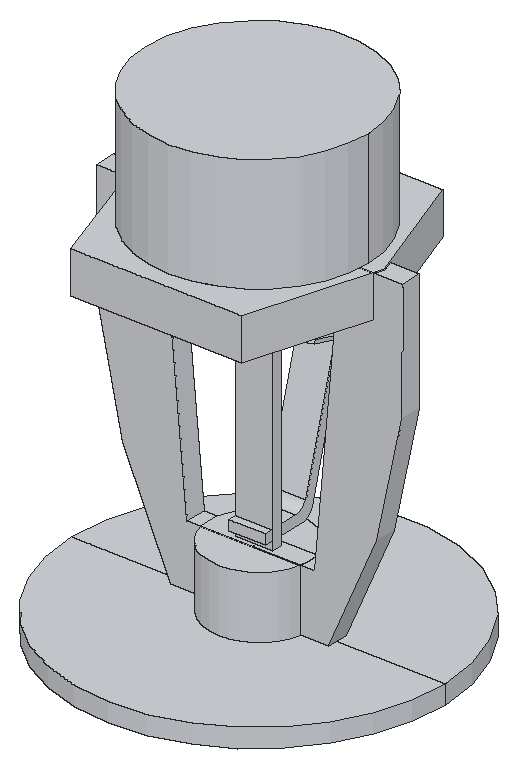
Revit family "P222", category Sprinklers, Revit 2022
Family settings
  Round Connector Dimension = Use Diameter
  Part Type = Normal
  OmniClass Number = 23.85.30.21
  OmniClass Title = Environmental Detection/Registration
  Work Plane-Based = No
  Always vertical = Yes
  Cut with Voids When Loaded = No
  Maintain Annotation Orientation = No
  Shared = No
  Room Calculation Point = No
Parameters (values of type "RASCO P22 ESFR PENDENT")
  Temperature Rating = 212 °F
  Response = Quick
  RASCO SIN # = "RA08A2"
  RASCO Part # = "EC251B"
  Pressure Rating = "175 PSI"
  Pressure Class = Standard
  Orifice Size = 1"
  Orifice = Standard
  Model = "N252 EC"
  Manufacturer = "RASCO"
  K-Factor = 22.4
  Description = "BRONZE FINISH"
  Default Elevation = 0' - 0"
  Coverage = Standard
Reference planes (in)
  plane 1 "Center (Front/Back)": y = 0
  plane 2: z = 0
  plane 3 "Center (Left/Right)": x = 0
Nested families (in)
  nested 1: "RASCO- P222" at (0.04986, -0.33503, 3.7699) x (-1, 0, 0) z (0, 0, -1), type "RASCO P22 ESFR PENDENT"
Connectors (in)
  piping at (0.04986, -0.33503, 3.7699), diameter 1.375
    settings: on nested 1, index 1, connector inside diameter 1 3/8", connector length 0' - 0", flow factor 0, pipe flow 0 GPM, pressure drop 0.00 psi, fitting loss kfactor 0, connector angle 0.00°, fixture units 0, engagement length 0' - 0", angle of deflection 0.00°, flow configuration 0, flow direction 0, fitting loss method 0, system type 7, joint type 0, gender type 0, connector reference index -1, connector utility 0, adjustable connector no, is connector primary yes, connector description ""
Definition of nested family "RASCO- P222"
  Parameters (values of type "RASCO P22 ESFR PENDENT")
    Type Comments = ""
    Temperature Rating = 0 °F
    Response = (empty or 0)
    Pressure Rating = "0"
    Pressure Class = (empty or 0)
    Orifice Size = 0"
    Orifice = (empty or 0)
    Model = ""
    Manufacturer = ""
    K-Factor = 0
    Description = ""
    Default Elevation = 0' - 0"
    Coverage = (empty or 0)
    Assembly Code = ""
  Reference planes (in)
    plane 1 "Center (Front/Back)": y = 0
    plane 2: z = 0
    plane 3 "ref.2": z = 0.6875
    plane 4 "ref.3": z = 0.9375
    plane 5: x = -0.38065
    plane 6: x = 0.36935
    plane 7 "ref. side 1": y = 0.06402
    plane 8 "ref. side 2": y = -0.06098
    plane 9 "ref.4": z = 2.6
    plane 10 "ref.5": z = 2.875
    plane 11 "center": x = -0.00574
    plane 12 "clip": through (0, 0.52703, 1.36085) normal (0, 0.2756, -0.9613)
  Forms (in)
    Extrusion 1, solid
      sketch origin (0, 0, 0) x (1, 0, 0) y (0, 1, 0)
        loop
          circle (0, 0) r 0.659
      from 0 to 0.6875
    Extrusion 2, solid
      sketch origin (-0.12185, 0.05177, 0.6875) x (1, 0, 0) y (0, 1, 0)
        loop
          line (-0.37766, 0.70082) -> (-0.6339, -0.05177) -> (-0.3889, -0.80818) -> (0.62234, -0.80818) -> (0.8661, -0.05177) -> (0.62234, 0.70082) -> (-0.37766, 0.70082)
      from 0 to 0.25
    Extrusion 3, solid
      sketch origin (0, 0, 0) x (1, 0, 0) y (0, 0, 1)
        loop
          line (-0.90843, 0.6875) -> (-0.51342, 0.6875) -> (-0.51342, 0.98724)
          arc (-0.51342, 0.98724) -> (-0.48204, 1.6933) -> (-0.38814, 2.39379) r 7.95835
          line (-0.38814, 2.39379) -> (0.37037, 2.39379)
          arc (0.37037, 2.39379) -> (0.46398, 1.71156) -> (0.49527, 1.02363) r 7.57793
          line (0.49527, 1.02363) -> (0.49527, 0.6875) -> (0.90386, 0.6875)
          arc (0.90386, 0.6875) -> (0.84273, 1.75883) -> (0.46543, 2.76338) r 3.56334
          line (0.46543, 2.76338) -> (-0.47158, 2.76338)
          arc (-0.47158, 2.76338) -> (-0.84808, 1.7587) -> (-0.90843, 0.6875) r 3.563
      from -0.06402 to 0.06098
    Extrusion 4, solid
      sketch origin (-0.00199, 0, 3.1625) x (-1, 0, 0) y (0, -1, 0)
        loop
          circle (0.00574, -0.00152) r 0.3
      from -0.76871 to -0.2875
    Revolve 5, solid
      sketch origin (-0.00076, 0, 0.43029) x (1, 0, 0) y (0, 0, 1)
        loop
          line (-0.19255, 2.33309) -> (-0.19255, 2.44471) -> (-0.34939, 2.44471) -> (-1.11507, 2.44471) -> (-1.11507, 2.33309) -> (-0.19255, 2.33309)
        axis (-0.00574, 2.33309) -> (-0.00574, 2.44471)
      angle from 0 to 360
    Extrusion 6, solid
      sketch origin (0, 0, 0.9375) x (-1, 0, 0) y (0, -1, 0)
        loop
          line (-0.10175, -0.02852) -> (0.11324, -0.02852) -> (0.11324, 0.03101) -> (-0.10175, 0.03101) -> (-0.10175, -0.02852)
      from 0 to 1.45629
    Extrusion 7, solid
      sketch origin (-0.00574, 0, 0) x (0, 0, -1) y (0, -1, 0)
        loop
          line (-2.34418, 0.08154) -> (-2.34418, -0.18975)
          arc (-2.34418, -0.18975) -> (-2.3294, -0.23392) -> (-2.29102, -0.2603) r 0.07339
          line (-2.29102, -0.2603) -> (-1.29471, -0.54599) -> (-1.27823, -0.48852) -> (-2.23088, -0.21535)
          arc (-2.23088, -0.21535) -> (-2.26901, -0.18915) -> (-2.28369, -0.14527) r 0.07291
          line (-2.28369, -0.14527) -> (-2.28369, 0.08154) -> (-2.34418, 0.08154)
      from -0.1075 to 0.1075
    Extrusion 8, solid
      sketch origin (0, -0.32053, 1.11781) x (0, 0.961262, 0.275637) y (1, 0, 0)
        loop
          line (0.84059, -0.34079) -> (0.916, -0.26539) -> (0.916, 0.24563) -> (0.84145, 0.32018) -> (0.33718, 0.32018) -> (0.26218, 0.24518) -> (0.26218, -0.26617) -> (0.3368, -0.34079) -> (0.84059, -0.34079)
      from -0.01906 to 0
  Cuts and joins
    joined: Extrusion 1, Extrusion 2, Revolve 5
